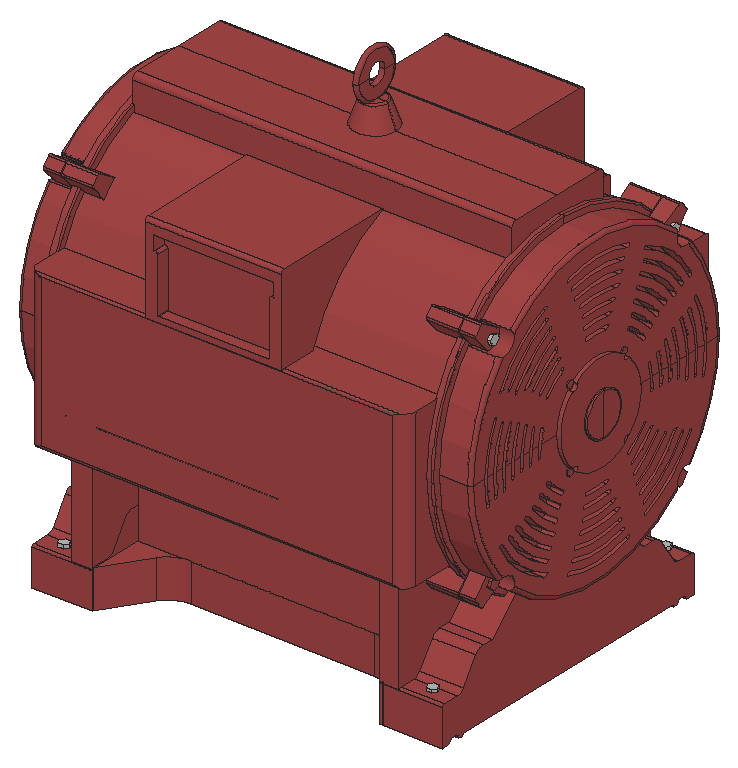
Revit family "125 HP-ODP", category Mechanical Equipment, Revit 2021 (continued)
Forms (mm)
  Extrusion 74, void
    sketch origin (1662.43, -2045.195, 340.249) x (0, -0.945088, 0.326815) y (0, 0.326815, 0.945088)
      loop
        arc (-819.491, 738.499) -> (-823.424, 738.116) -> (-823.646, 734.171) r 3.035
        arc (-823.646, 734.171) -> (-797.834, 700.84) -> (-782.771, 661.465) r 144.121
        arc (-782.771, 661.465) -> (-779.192, 659.187) -> (-776.914, 662.767) r 3
        arc (-776.914, 662.767) -> (-792.604, 703.78) -> (-819.491, 738.499) r 150.121
      loop
        arc (-829.201, 727.684) -> (-833.443, 727.734) -> (-833.493, 723.492) r 3
        arc (-833.493, 723.492) -> (-811.006, 693.487) -> (-797.02, 658.696) r 144.121
        arc (-797.02, 658.696) -> (-793.256, 656.061) -> (-791.204, 660.173) r 3.033
        arc (-791.204, 660.173) -> (-805.773, 696.422) -> (-829.201, 727.684) r 150.121
      loop
        arc (-839.393, 716.187) -> (-843.632, 716.362) -> (-843.807, 712.123) r 3
        arc (-843.807, 712.123) -> (-825.683, 687.699) -> (-813.089, 660.016) r 144.121
        arc (-813.089, 660.016) -> (-809.295, 658.117) -> (-807.395, 661.91) r 3
        arc (-807.395, 661.91) -> (-820.515, 690.746) -> (-839.393, 716.187) r 150.121
      loop
        arc (-847.965, 703.704) -> (-852.192, 704.066) -> (-852.553, 699.838) r 3
        arc (-852.553, 699.838) -> (-838.237, 679.522) -> (-827.624, 657.048) r 144.121
        arc (-827.624, 657.048) -> (-823.768, 655.277) -> (-821.998, 659.133) r 3
        arc (-821.998, 659.133) -> (-833.052, 682.542) -> (-847.965, 703.704) r 150.121
      loop
        arc (-856.617, 690.853) -> (-860.824, 691.406) -> (-861.377, 687.199) r 3
        arc (-861.377, 687.199) -> (-850.118, 670.157) -> (-841.382, 651.695) r 144.121
        arc (-841.382, 651.695) -> (-837.563, 649.961) -> (-835.739, 653.738) r 3.002
        arc (-835.739, 653.738) -> (-844.855, 673.04) -> (-856.617, 690.853) r 150.121
      loop
        arc (-866.817, 679.646) -> (-871.004, 680.327) -> (-871.685, 676.139) r 3
        arc (-871.685, 676.139) -> (-862.662, 661.933) -> (-855.357, 646.772) r 144.121
        arc (-855.357, 646.772) -> (-851.441, 645.14) -> (-849.809, 649.056) r 3
        arc (-849.809, 649.056) -> (-857.418, 664.849) -> (-866.817, 679.646) r 150.121
    from 1118.526 to 1137.793
  Extrusion 75, void
    sketch origin (1662.43, -305.647, -315.115) x (0, 0.926534, -0.376211) y (0, -0.376211, -0.926534)
      loop
        arc (-812.604, -751.818) -> (-779.646, -711.513) -> (-762.437, -662.375) r 150.121
        arc (-762.437, -662.375) -> (-764.886, -658.746) -> (-768.359, -661.411) r 3.006
        arc (-768.359, -661.411) -> (-784.842, -708.512) -> (-816.4, -747.169) r 144.121
        arc (-816.4, -747.169) -> (-817.068, -751.589) -> (-812.604, -751.818) r 3.016
      loop
        arc (-819.491, -738.499) -> (-792.604, -703.78) -> (-776.914, -662.767) r 150.121
        arc (-776.914, -662.767) -> (-779.192, -659.187) -> (-782.771, -661.465) r 3
        arc (-782.771, -661.465) -> (-797.834, -700.84) -> (-823.646, -734.171) r 144.121
        arc (-823.646, -734.171) -> (-823.424, -738.116) -> (-819.491, -738.499) r 3.035
      loop
        arc (-829.201, -727.684) -> (-805.773, -696.422) -> (-791.204, -660.173) r 150.121
        arc (-791.204, -660.173) -> (-793.256, -656.061) -> (-797.02, -658.696) r 3.033
        arc (-797.02, -658.696) -> (-811.006, -693.487) -> (-833.493, -723.492) r 144.121
        arc (-833.493, -723.492) -> (-833.443, -727.734) -> (-829.201, -727.684) r 3
      loop
        arc (-839.393, -716.187) -> (-820.515, -690.746) -> (-807.395, -661.91) r 150.121
        arc (-807.395, -661.91) -> (-809.295, -658.117) -> (-813.089, -660.016) r 3
        arc (-813.089, -660.016) -> (-825.683, -687.699) -> (-843.807, -712.123) r 144.121
        arc (-843.807, -712.123) -> (-843.632, -716.362) -> (-839.393, -716.187) r 3
      loop
        arc (-847.965, -703.704) -> (-833.052, -682.542) -> (-821.998, -659.133) r 150.121
        arc (-821.998, -659.133) -> (-823.768, -655.277) -> (-827.624, -657.048) r 3
        arc (-827.624, -657.048) -> (-838.237, -679.522) -> (-852.553, -699.838) r 144.121
        arc (-852.553, -699.838) -> (-852.192, -704.066) -> (-847.965, -703.704) r 3
      loop
        arc (-856.617, -690.853) -> (-844.855, -673.04) -> (-835.739, -653.738) r 150.121
        arc (-835.739, -653.738) -> (-837.563, -649.961) -> (-841.382, -651.695) r 3.002
        arc (-841.382, -651.695) -> (-850.118, -670.157) -> (-861.377, -687.199) r 144.121
        arc (-861.377, -687.199) -> (-860.824, -691.406) -> (-856.617, -690.853) r 3
      loop
        arc (-866.817, -679.646) -> (-857.418, -664.849) -> (-849.809, -649.056) r 150.121
        arc (-849.809, -649.056) -> (-851.441, -645.14) -> (-855.357, -646.772) r 3
        arc (-855.357, -646.772) -> (-862.662, -661.933) -> (-871.685, -676.139) r 144.121
        arc (-871.685, -676.139) -> (-871.004, -680.327) -> (-866.817, -679.646) r 3
    from 1118.526 to 1137.793
  Extrusion 76, void
    sketch origin (1662.43, -1587.375, -315.115) x (0, -0.926534, -0.376211) y (0, -0.376211, 0.926534)
      loop
        arc (-812.604, 751.818) -> (-817.068, 751.589) -> (-816.4, 747.169) r 3.016
        arc (-816.4, 747.169) -> (-784.842, 708.512) -> (-768.359, 661.411) r 144.121
        arc (-768.359, 661.411) -> (-764.886, 658.746) -> (-762.437, 662.375) r 3.006
        arc (-762.437, 662.375) -> (-779.646, 711.513) -> (-812.604, 751.818) r 150.121
      loop
        arc (-819.491, 738.499) -> (-823.424, 738.116) -> (-823.646, 734.171) r 3.035
        arc (-823.646, 734.171) -> (-797.834, 700.84) -> (-782.771, 661.465) r 144.121
        arc (-782.771, 661.465) -> (-779.192, 659.187) -> (-776.914, 662.767) r 3
        arc (-776.914, 662.767) -> (-792.604, 703.78) -> (-819.491, 738.499) r 150.121
      loop
        arc (-829.201, 727.684) -> (-833.443, 727.734) -> (-833.493, 723.492) r 3
        arc (-833.493, 723.492) -> (-811.006, 693.487) -> (-797.02, 658.696) r 144.121
        arc (-797.02, 658.696) -> (-793.256, 656.061) -> (-791.204, 660.173) r 3.033
        arc (-791.204, 660.173) -> (-805.773, 696.422) -> (-829.201, 727.684) r 150.121
      loop
        arc (-839.393, 716.187) -> (-843.632, 716.362) -> (-843.807, 712.123) r 3
        arc (-843.807, 712.123) -> (-825.683, 687.699) -> (-813.089, 660.016) r 144.121
        arc (-813.089, 660.016) -> (-809.295, 658.117) -> (-807.395, 661.91) r 3
        arc (-807.395, 661.91) -> (-820.515, 690.746) -> (-839.393, 716.187) r 150.121
      loop
        arc (-847.965, 703.704) -> (-852.192, 704.066) -> (-852.553, 699.838) r 3
        arc (-852.553, 699.838) -> (-838.237, 679.522) -> (-827.624, 657.048) r 144.121
        arc (-827.624, 657.048) -> (-823.768, 655.277) -> (-821.998, 659.133) r 3
        arc (-821.998, 659.133) -> (-833.052, 682.542) -> (-847.965, 703.704) r 150.121
      loop
        arc (-856.617, 690.853) -> (-860.824, 691.406) -> (-861.377, 687.199) r 3
        arc (-861.377, 687.199) -> (-850.118, 670.157) -> (-841.382, 651.695) r 144.121
        arc (-841.382, 651.695) -> (-837.563, 649.961) -> (-835.739, 653.738) r 3.002
        arc (-835.739, 653.738) -> (-844.855, 673.04) -> (-856.617, 690.853) r 150.121
      loop
        arc (-866.817, 679.646) -> (-871.004, 680.327) -> (-871.685, 676.139) r 3
        arc (-871.685, 676.139) -> (-862.662, 661.933) -> (-855.357, 646.772) r 144.121
        arc (-855.357, 646.772) -> (-851.441, 645.14) -> (-849.809, 649.056) r 3
        arc (-849.809, 649.056) -> (-857.418, 664.849) -> (-866.817, 679.646) r 150.121
    from 1118.526 to 1137.793
  Extrusion 77, void
    sketch origin (1662.43, 152.174, 903.927) x (0, 0.945088, -0.326815) y (0, -0.326815, -0.945088)
      loop
        arc (-812.604, 751.818) -> (-817.068, 751.589) -> (-816.4, 747.169) r 3.016
        arc (-816.4, 747.169) -> (-784.842, 708.512) -> (-768.359, 661.411) r 144.121
        arc (-768.359, 661.411) -> (-764.886, 658.746) -> (-762.437, 662.375) r 3.006
        arc (-762.437, 662.375) -> (-779.646, 711.513) -> (-812.604, 751.818) r 150.121
      loop
        arc (-819.491, 738.499) -> (-823.424, 738.116) -> (-823.646, 734.171) r 3.035
        arc (-823.646, 734.171) -> (-797.834, 700.84) -> (-782.771, 661.465) r 144.121
        arc (-782.771, 661.465) -> (-779.192, 659.187) -> (-776.914, 662.767) r 3
        arc (-776.914, 662.767) -> (-792.604, 703.78) -> (-819.491, 738.499) r 150.121
      loop
        arc (-829.201, 727.684) -> (-833.443, 727.734) -> (-833.493, 723.492) r 3
        arc (-833.493, 723.492) -> (-811.006, 693.487) -> (-797.02, 658.696) r 144.121
        arc (-797.02, 658.696) -> (-793.256, 656.061) -> (-791.204, 660.173) r 3.033
        arc (-791.204, 660.173) -> (-805.773, 696.422) -> (-829.201, 727.684) r 150.121
      loop
        arc (-839.393, 716.187) -> (-843.632, 716.362) -> (-843.807, 712.123) r 3
        arc (-843.807, 712.123) -> (-825.683, 687.699) -> (-813.089, 660.016) r 144.121
        arc (-813.089, 660.016) -> (-809.295, 658.117) -> (-807.395, 661.91) r 3
        arc (-807.395, 661.91) -> (-820.515, 690.746) -> (-839.393, 716.187) r 150.121
      loop
        arc (-847.965, 703.704) -> (-852.192, 704.066) -> (-852.553, 699.838) r 3
        arc (-852.553, 699.838) -> (-838.237, 679.522) -> (-827.624, 657.048) r 144.121
        arc (-827.624, 657.048) -> (-823.768, 655.277) -> (-821.998, 659.133) r 3
        arc (-821.998, 659.133) -> (-833.052, 682.542) -> (-847.965, 703.704) r 150.121
      loop
        arc (-856.617, 690.853) -> (-860.824, 691.406) -> (-861.377, 687.199) r 3
        arc (-861.377, 687.199) -> (-850.118, 670.157) -> (-841.382, 651.695) r 144.121
        arc (-841.382, 651.695) -> (-837.563, 649.961) -> (-835.739, 653.738) r 3.002
        arc (-835.739, 653.738) -> (-844.855, 673.04) -> (-856.617, 690.853) r 150.121
      loop
        arc (-866.817, 679.646) -> (-871.004, 680.327) -> (-871.685, 676.139) r 3
        arc (-871.685, 676.139) -> (-862.662, 661.933) -> (-855.357, 646.772) r 144.121
        arc (-855.357, 646.772) -> (-851.441, 645.14) -> (-849.809, 649.056) r 3
        arc (-849.809, 649.056) -> (-857.418, 664.849) -> (-866.817, 679.646) r 150.121
    from 1118.526 to 1137.793
  Extrusion 78, void
    sketch origin (1662.43, -1941.556, 96.065) x (0, -0.48361, -0.875284) y (0, -0.875284, 0.48361)
      loop
        arc (-812.604, -751.818) -> (-779.646, -711.513) -> (-762.437, -662.375) r 150.121
        arc (-762.437, -662.375) -> (-764.886, -658.746) -> (-768.359, -661.411) r 3.006
        arc (-768.359, -661.411) -> (-784.842, -708.512) -> (-816.4, -747.169) r 144.121
        arc (-816.4, -747.169) -> (-817.068, -751.589) -> (-812.604, -751.818) r 3.016
      loop
        arc (-819.491, -738.499) -> (-792.604, -703.78) -> (-776.914, -662.767) r 150.121
        arc (-776.914, -662.767) -> (-779.192, -659.187) -> (-782.771, -661.465) r 3
        arc (-782.771, -661.465) -> (-797.834, -700.84) -> (-823.646, -734.171) r 144.121
        arc (-823.646, -734.171) -> (-823.424, -738.116) -> (-819.491, -738.499) r 3.035
      loop
        arc (-829.201, -727.684) -> (-805.773, -696.422) -> (-791.204, -660.173) r 150.121
        arc (-791.204, -660.173) -> (-793.256, -656.061) -> (-797.02, -658.696) r 3.033
        arc (-797.02, -658.696) -> (-811.006, -693.487) -> (-833.493, -723.492) r 144.121
        arc (-833.493, -723.492) -> (-833.443, -727.734) -> (-829.201, -727.684) r 3
      loop
        arc (-839.393, -716.187) -> (-820.515, -690.746) -> (-807.395, -661.91) r 150.121
        arc (-807.395, -661.91) -> (-809.295, -658.117) -> (-813.089, -660.016) r 3
        arc (-813.089, -660.016) -> (-825.683, -687.699) -> (-843.807, -712.123) r 144.121
        arc (-843.807, -712.123) -> (-843.632, -716.362) -> (-839.393, -716.187) r 3
      loop
        arc (-847.965, -703.704) -> (-833.052, -682.542) -> (-821.998, -659.133) r 150.121
        arc (-821.998, -659.133) -> (-823.768, -655.277) -> (-827.624, -657.048) r 3
        arc (-827.624, -657.048) -> (-838.237, -679.522) -> (-852.553, -699.838) r 144.121
        arc (-852.553, -699.838) -> (-852.192, -704.066) -> (-847.965, -703.704) r 3
      loop
        arc (-856.617, -690.853) -> (-844.855, -673.04) -> (-835.739, -653.738) r 150.121
        arc (-835.739, -653.738) -> (-837.563, -649.961) -> (-841.382, -651.695) r 3.002
        arc (-841.382, -651.695) -> (-850.118, -670.157) -> (-861.377, -687.199) r 144.121
        arc (-861.377, -687.199) -> (-860.824, -691.406) -> (-856.617, -690.853) r 3
      loop
        arc (-866.817, -679.646) -> (-857.418, -664.849) -> (-849.809, -649.056) r 150.121
        arc (-849.809, -649.056) -> (-851.441, -645.14) -> (-855.357, -646.772) r 3
        arc (-855.357, -646.772) -> (-862.662, -661.933) -> (-871.685, -676.139) r 144.121
        arc (-871.685, -676.139) -> (-871.004, -680.327) -> (-866.817, -679.646) r 3
    from 1118.526 to 1137.793
  Extrusion 79, void
    sketch origin (1662.43, -2045.195, 903.927) x (0, -0.945088, -0.326815) y (0, -0.326815, 0.945088)
      loop
        arc (-812.604, -751.818) -> (-779.646, -711.513) -> (-762.437, -662.375) r 150.121
        arc (-762.437, -662.375) -> (-764.886, -658.746) -> (-768.359, -661.411) r 3.006
        arc (-768.359, -661.411) -> (-784.842, -708.512) -> (-816.4, -747.169) r 144.121
        arc (-816.4, -747.169) -> (-817.068, -751.589) -> (-812.604, -751.818) r 3.016
      loop
        arc (-819.491, -738.499) -> (-792.604, -703.78) -> (-776.914, -662.767) r 150.121
        arc (-776.914, -662.767) -> (-779.192, -659.187) -> (-782.771, -661.465) r 3
        arc (-782.771, -661.465) -> (-797.834, -700.84) -> (-823.646, -734.171) r 144.121
        arc (-823.646, -734.171) -> (-823.424, -738.116) -> (-819.491, -738.499) r 3.035
      loop
        arc (-829.201, -727.684) -> (-805.773, -696.422) -> (-791.204, -660.173) r 150.121
        arc (-791.204, -660.173) -> (-793.256, -656.061) -> (-797.02, -658.696) r 3.033
        arc (-797.02, -658.696) -> (-811.006, -693.487) -> (-833.493, -723.492) r 144.121
        arc (-833.493, -723.492) -> (-833.443, -727.734) -> (-829.201, -727.684) r 3
      loop
        arc (-839.393, -716.187) -> (-820.515, -690.746) -> (-807.395, -661.91) r 150.121
        arc (-807.395, -661.91) -> (-809.295, -658.117) -> (-813.089, -660.016) r 3
        arc (-813.089, -660.016) -> (-825.683, -687.699) -> (-843.807, -712.123) r 144.121
        arc (-843.807, -712.123) -> (-843.632, -716.362) -> (-839.393, -716.187) r 3
      loop
        arc (-847.965, -703.704) -> (-833.052, -682.542) -> (-821.998, -659.133) r 150.121
        arc (-821.998, -659.133) -> (-823.768, -655.277) -> (-827.624, -657.048) r 3
        arc (-827.624, -657.048) -> (-838.237, -679.522) -> (-852.553, -699.838) r 144.121
        arc (-852.553, -699.838) -> (-852.192, -704.066) -> (-847.965, -703.704) r 3
      loop
        arc (-856.617, -690.853) -> (-844.855, -673.04) -> (-835.739, -653.738) r 150.121
        arc (-835.739, -653.738) -> (-837.563, -649.961) -> (-841.382, -651.695) r 3.002
        arc (-841.382, -651.695) -> (-850.118, -670.157) -> (-861.377, -687.199) r 144.121
        arc (-861.377, -687.199) -> (-860.824, -691.406) -> (-856.617, -690.853) r 3
      loop
        arc (-866.817, -679.646) -> (-857.418, -664.849) -> (-849.809, -649.056) r 150.121
        arc (-849.809, -649.056) -> (-851.441, -645.14) -> (-855.357, -646.772) r 3
        arc (-855.357, -646.772) -> (-862.662, -661.933) -> (-871.685, -676.139) r 144.121
        arc (-871.685, -676.139) -> (-871.004, -680.327) -> (-866.817, -679.646) r 3
    from 1118.526 to 1137.793
  Revolve 80, solid, material "PUMP"
    sketch origin (1223.071, -946.378, 361.732) x (-1, 0, 0) y (0, 0, -1)
      loop
        line (78.121, -260.135) -> (74.001, -260.135) -> (74.001, -288.127)
        arc (74.001, -288.127) -> (74.352, -288.976) -> (75.201, -289.327) r 1.2
        line (75.201, -289.327) -> (78.121, -289.327) -> (78.121, -260.135)
      axis (74.001, -260.135) -> (78.121, -260.135)
    angle from 0 to 360
  Extrusion 81, solid, material "TERMINAL BOX MOTOR"
    sketch origin (0, 0, -15) x (0, 1, 0) y (0, 0, 1)
      loop
        line (-630.766, 558.975) -> (-662.41, 685.892) -> (-664.681, 685.892) -> (-633.037, 558.975) -> (-630.766, 558.975)
    from 764.919 to 905.764
  Extrusion 82, void
    sketch origin (1165.002, -1089.748, 333.694) x (1, 0, 0) y (0, -1, 0)
      loop
        circle (-100.012, 39.712) r 7.027
    from 0 to 16
  Extrusion 83, void
    sketch origin (1165.002, -803.007, 333.694) x (-1, 0, 0) y (0, 1, 0)
      loop
        circle (100.012, 39.712) r 7.027
    from 0 to 16
  Extrusion 84, void
    sketch origin (498.049, -803.007, 333.694) x (-1, 0, 0) y (0, 1, 0)
      loop
        circle (-95.024, 39.747) r 6.952
    from 0 to 16
  Extrusion 85, solid, material "PUMP"
    sketch origin (-1.312, -946.378, -150.002) x (1, 0, 0) y (0, 0, 1)
      loop
        line (636.855, 501.792) -> (636.855, 450.055) -> (1026.332, 450.055) -> (1026.332, 501.792) -> (636.855, 501.792)
    from -204.541 to 217.223
  Extrusion 86, solid, material "MOTOR LEG"
    sketch origin (495.561, 1270.772, 208.751) x (0, 1, 0) y (0, 0, 1)
      loop
        line (-2399.6, 94.18) -> (-2047.381, 94.18) -> (-2045.428, 91.302) -> (-2040.428, 91.302) -> (-2037.035, 96.302) -> (-2027.035, 96.302) -> (-2023.643, 91.302) -> (-2012.609, 91.302) -> (-2012.609, 139.223)
        arc (-2012.609, 139.223) -> (-2013.455, 141.266) -> (-2015.499, 142.113) r 2.89
        line (-2015.499, 142.113) -> (-2037.221, 142.113)
        arc (-2037.221, 142.113) -> (-2042.611, 143.453) -> (-2046.747, 147.161) r 11.512
        line (-2046.747, 147.161) -> (-2068.219, 178.806)
        arc (-2068.219, 178.806) -> (-2073.607, 183.637) -> (-2080.631, 185.383) r 15
        line (-2080.631, 185.383) -> (-2097.085, 185.383) -> (-2132.44, 220.739)
        arc (-2132.44, 220.739) -> (-2221.685, 204.447) -> (-2309.974, 225.305) r 221.465
        line (-2309.974, 225.305) -> (-2349.896, 185.383) -> (-2365.734, 185.383)
        arc (-2365.734, 185.383) -> (-2372.758, 183.637) -> (-2378.146, 178.806) r 15
        line (-2378.146, 178.806) -> (-2398.99, 148.086)
        arc (-2398.99, 148.086) -> (-2403.126, 144.378) -> (-2408.516, 143.038) r 11.512
        line (-2408.516, 143.038) -> (-2431.482, 143.038)
        arc (-2431.482, 143.038) -> (-2433.526, 142.192) -> (-2434.372, 140.148) r 2.89
        line (-2434.372, 140.148) -> (-2434.372, 91.302) -> (-2423.339, 91.302) -> (-2419.946, 96.302) -> (-2409.946, 96.302) -> (-2406.553, 91.302) -> (-2401.553, 91.302) -> (-2399.6, 94.18)
    from 58.982 to 139.982
  Extrusion 87, solid, material "PUMP"
    sketch origin (5.205, -1905.224, 0) x (0, -1, 0) y (0, 0, -1)
      loop
        arc (-862.174, -429.995) -> (-815.853, -458.243) -> (-777.75, -496.866) r 222.406
        line (-777.75, -496.866) -> (-741.837, -496.866) -> (-741.837, -347.974)
        arc (-741.837, -347.974) -> (-742.683, -350.017) -> (-744.727, -350.864) r 2.89
        line (-744.727, -350.864) -> (-768.327, -350.864)
        arc (-768.327, -350.864) -> (-772.627, -352.667) -> (-775.975, -355.912) r 12.578
        line (-775.975, -355.912) -> (-796.935, -386.802)
        arc (-796.935, -386.802) -> (-802.541, -391.976) -> (-809.859, -394.135) r 16.785
        line (-809.859, -394.135) -> (-826.313, -394.135) -> (-862.174, -429.995)
    from 1041.555 to 1016.065
  Extrusion 88, void
    sketch origin (617.912, -946.378, 351.789) x (0, 1, 0) y (1, 0, 0)
      loop
        line (-262.223, -12.978) -> (-159.392, 55.708)
        arc (-159.392, 55.708) -> (-146.334, 70.112) -> (-141.609, 88.97) r 40
        line (-141.609, 88.97) -> (-141.609, 335.277)
        arc (-141.609, 335.277) -> (-146.334, 354.136) -> (-159.392, 368.54) r 40
        line (-159.392, 368.54) -> (-262.223, 437.226) -> (-262.223, -12.978)
    from 0 to 62.126
  Extrusion 89, void
    sketch origin (617.912, -954.493, 351.789) x (0, 1, 0) y (1, 0, 0)
      loop
        line (262.223, -12.978) -> (262.223, 437.226) -> (159.392, 368.54)
        arc (159.392, 368.54) -> (146.334, 354.136) -> (141.609, 335.277) r 40
        line (141.609, 335.277) -> (141.609, 88.97)
        arc (141.609, 88.97) -> (146.334, 70.112) -> (159.392, 55.708) r 40
        line (159.392, 55.708) -> (262.223, -12.978)
    from 0 to 62.126
  Extrusion 90, solid, material "PUMP"
    sketch origin (1649.357, -1.897, 0) x (0, 1, 0) y (0, 0, -1)
      loop
        arc (-862.174, -429.995) -> (-815.853, -458.243) -> (-777.75, -496.866) r 222.406
        line (-777.75, -496.866) -> (-741.837, -496.866) -> (-741.837, -347.974)
        arc (-741.837, -347.974) -> (-742.683, -350.017) -> (-744.727, -350.864) r 2.89
        line (-744.727, -350.864) -> (-768.327, -350.864)
        arc (-768.327, -350.864) -> (-772.627, -352.667) -> (-775.975, -355.912) r 12.578
        line (-775.975, -355.912) -> (-796.935, -386.802)
        arc (-796.935, -386.802) -> (-802.541, -391.976) -> (-809.859, -394.135) r 16.785
        line (-809.859, -394.135) -> (-826.313, -394.135) -> (-862.174, -429.995)
    from 1058.356 to 1013.813
  Extrusion 91, solid, material "PUMP"
    sketch origin (1649.357, -1905.224, 0) x (0, -1, 0) y (0, 0, 1)
      loop
        line (-862.174, 429.995) -> (-826.313, 394.135) -> (-809.859, 394.135)
        arc (-809.859, 394.135) -> (-802.541, 391.976) -> (-796.935, 386.802) r 16.785
        line (-796.935, 386.802) -> (-775.975, 355.912)
        arc (-775.975, 355.912) -> (-772.627, 352.667) -> (-768.327, 350.864) r 12.578
        line (-768.327, 350.864) -> (-744.727, 350.864)
        arc (-744.727, 350.864) -> (-742.683, 350.017) -> (-741.837, 347.974) r 2.89
        line (-741.837, 347.974) -> (-741.837, 496.866) -> (-777.75, 496.866)
        arc (-777.75, 496.866) -> (-815.853, 458.243) -> (-862.174, 429.995) r 222.406
    from 1041.555 to 1013.813
  Extrusion 92, solid, material "PUMP"
    sketch origin (5.205, 0, 0) x (0, 1, 0) y (0, 0, 1)
      loop
        line (-862.174, 429.995) -> (-826.313, 394.135) -> (-809.859, 394.135)
        arc (-809.859, 394.135) -> (-802.541, 391.976) -> (-796.935, 386.802) r 16.785
        line (-796.935, 386.802) -> (-775.975, 355.912)
        arc (-775.975, 355.912) -> (-772.627, 352.667) -> (-768.327, 350.864) r 12.578
        line (-768.327, 350.864) -> (-744.727, 350.864)
        arc (-744.727, 350.864) -> (-742.683, 350.017) -> (-741.837, 347.974) r 2.89
        line (-741.837, 347.974) -> (-741.837, 496.866) -> (-777.75, 496.866)
        arc (-777.75, 496.866) -> (-815.853, 458.243) -> (-862.174, 429.995) r 222.406
    from 1041.555 to 1016.065
  Extrusion 93, solid, material "PUMP"
    sketch origin (1649.357, 0, 0) x (0, 1, 0) y (0, 0, -1)
      loop
        arc (-862.174, -429.995) -> (-815.853, -458.243) -> (-777.75, -496.866) r 222.406
        line (-777.75, -496.866) -> (-741.837, -496.866) -> (-741.837, -347.974)
        arc (-741.837, -347.974) -> (-742.683, -350.017) -> (-744.727, -350.864) r 2.89
        line (-744.727, -350.864) -> (-768.327, -350.864)
        arc (-768.327, -350.864) -> (-772.627, -352.667) -> (-775.975, -355.912) r 12.578
        line (-775.975, -355.912) -> (-796.935, -386.802)
        arc (-796.935, -386.802) -> (-802.541, -391.976) -> (-809.859, -394.135) r 16.785
        line (-809.859, -394.135) -> (-826.313, -394.135) -> (-862.174, -429.995)
    from 1041.555 to 1016.065
  Extrusion 94, solid, material "PUMP"
    sketch origin (-1.312, -946.378, 0) x (1, 0, 0) y (0, 0, 1)
      loop
        line (636.855, 496.866) -> (636.855, 351.789) -> (1022.582, 351.789) -> (1022.582, 496.866) -> (636.855, 496.866)
    from 141.609 to 136.542
  Extrusion 95, solid, material "PUMP"
    sketch origin (-1.312, -954.493, 0) x (1, 0, 0) y (0, 0, -1)
      loop
        line (636.855, -496.866) -> (1022.582, -496.866) -> (1022.582, -351.789) -> (636.855, -351.789) -> (636.855, -496.866)
    from 141.609 to 136.542
  Extrusion 96, solid, material "PUMP BOLT&NUT"
    sketch origin (3342.696, -1899.129, 351.789) x (0, -1, 0) y (1, 0, 0)
      loop
        line (-755.053, -2258.798) -> (-761.026, -2262.246) -> (-761.026, -2269.143) -> (-755.053, -2272.591) -> (-749.08, -2269.143) -> (-749.08, -2262.246) -> (-755.053, -2258.798)
    from 0 to 4.123
  Extrusion 97, solid, material "PUMP BOLT&NUT"
    sketch origin (2847.696, -1899.129, 351.789) x (0, -1, 0) y (1, 0, 0)
      loop
        line (-755.053, -2258.798) -> (-761.026, -2262.246) -> (-761.026, -2269.143) -> (-755.053, -2272.591) -> (-749.08, -2269.143) -> (-749.08, -2262.246) -> (-755.053, -2258.798)
    from 0 to 4.123
  Extrusion 98, solid, material "PUMP BOLT&NUT"
    sketch origin (3343.253, -1509.188, 351.789) x (0, -1, 0) y (1, 0, 0)
      loop
        line (-755.053, -2258.798) -> (-761.026, -2262.246) -> (-761.026, -2269.143) -> (-755.053, -2272.591) -> (-749.08, -2269.143) -> (-749.08, -2262.246) -> (-755.053, -2258.798)
    from 0 to 4.123
  Extrusion 99, solid, material "PUMP BOLT&NUT"
    sketch origin (2838.33, -1518.002, 351.789) x (0, -1, 0) y (1, 0, 0)
      loop
        line (-755.053, -2258.798) -> (-761.026, -2262.246) -> (-761.026, -2269.143) -> (-755.053, -2272.591) -> (-749.08, -2269.143) -> (-749.08, -2262.246) -> (-755.053, -2258.798)
    from 0 to 4.123
Cuts and joins
  Extrusion 5, Extrusion 22 cuts Extrusion 3
  Extrusion 5, Extrusion 18, Extrusion 19 cuts Extrusion 4
  Extrusion 7 cuts Revolve 8
  Extrusion 31, Extrusion 32, Extrusion 33, Extrusion 36, Extrusion 37, Extrusion 51, Extrusion 62, Extrusion 63 cuts Revolve 10
  Extrusion 14 cuts Revolve 13
  Extrusion 22 cuts Extrusion 20
  Extrusion 28, Extrusion 31, Extrusion 32, Extrusion 33, Extrusion 36, Extrusion 37, Extrusion 51, Extrusion 53, Extrusion 55, Extrusion 62, Extrusion 63, Extrusion 64, Extrusion 65, Extrusion 66, Extrusion 67, Extrusion 68, Extrusion 69, Extrusion 70, Extrusion 71, Extrusion 72, Extrusion 73, Extrusion 74, Extrusion 75, Extrusion 76, Extrusion 77, Extrusion 78, Extrusion 79 cuts Revolve 1
  Extrusion 31, Extrusion 33, Extrusion 62 cuts Extrusion 29
  Extrusion 31, Extrusion 33, Extrusion 62 cuts Extrusion 30
  Extrusion 51 cuts Extrusion 43
  Extrusion 51 cuts Extrusion 44
  Extrusion 51 cuts Extrusion 45
  Extrusion 53 cuts Extrusion 47
  Extrusion 53 cuts Extrusion 48
  Extrusion 53 cuts Extrusion 52
  Extrusion 55 cuts Extrusion 49
  Extrusion 55 cuts Extrusion 50
  Extrusion 55 cuts Extrusion 54
  Extrusion 62 cuts Extrusion 38
  Extrusion 63 cuts Extrusion 34
  Extrusion 63 cuts Extrusion 35
  Extrusion 63 cuts Extrusion 39
  Extrusion 82, Extrusion 83, Extrusion 89 cuts Extrusion 15
  Extrusion 88, Extrusion 89 cuts Extrusion 85
  Extrusion 89 cuts Extrusion 86
Dimensions and locks
  aligned and locked: level to plane 2
